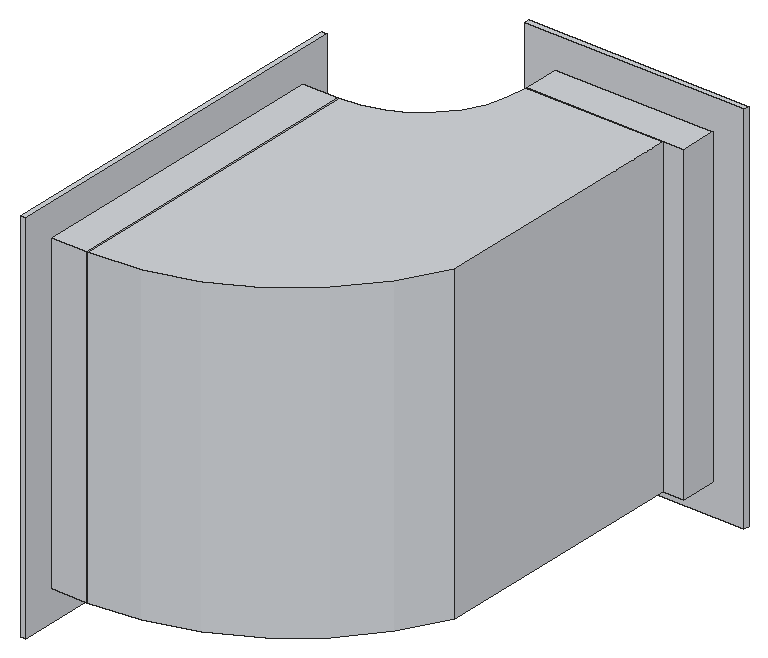
Revit family "RE Bogen asymmetrisch BA - Flansch", category Luftkanalformteile, Revit 2014
Parameters (values of type "Allgemein")
  r4 [instance] = r3 + Länge 17  # 350 mm
  r3 [instance] = if(b > d, if(Abschätzung 1 < 0 mm, r2 + 15 mm, r2), if(not(Abschätzung 2 < 0 mm), r2, r1 + d))  # 250 mm
  Alpha 4 [instance] = if(Abschätzung 1 > 0 mm, alpha, acos(Länge 18 / Länge 16))  # 90.00°
  Alpha 3 [instance] = if(not(Abschätzung 2 < 0 mm), alpha, asin((r1 + b) / (r1 + d)))  # 90.00°
  r2 [instance] = if((Abschätzung 2 < 0 mm), 5 mm, Länge 22 / tan(alpha 2 / 2))  # 250 mm
  r1 [instance] = if(r = 0 mm, if(0.9 * Max. abcd - 107.1 mm < 0.8 mm, 0.8 mm, 0.9 * Max. abcd - 107.1 mm), r)  # 100 mm
  r [instance] = 100 mm
  f2 [instance] = 35 mm  # constant formula
  f1 [instance] = if(f = 0 mm, f2, f)  # 35 mm
  f [instance] = 0 mm
  e2 [instance] = 35 mm  # constant formula
  e1 [instance] = if(e = 0 mm, e2, e)  # 35 mm
  e [instance] = 0 mm
  Max. bd [instance] = if(b > d, b, d)  # 300 mm
  Länge 19 [instance] = if(Abschätzung 1 > 0 mm, Länge 18, 20 mm)  # 250 mm
  Länge 18 [instance] = (r1 + d) * sin(alpha)  # 250 mm
  d [instance] = 150 mm
  c [instance] = a  # 300 mm
  b [instance] = 300 mm
  Länge21 [instance] = if(alpha = 90.00°, 0 mm, if(and(Abschätzung 1 > 0 mm, Abschätzung 2 > 0 mm), ((r1 + b) - (r1 + d) * cos(alpha 2)) / tan(alpha 2), 10 mm))  # 0 mm
  Länge 20 [instance] = if(alpha = 90.00°, 0 mm, ((r1 + b) - (r1 + d) * cos(alpha)) / tan(alpha))  # 0 mm
  alpha 2 [instance] = if(b > d, Alpha 4, Alpha 3)  # 90.00°
  alpha 1 [instance] = 180.00° - alpha 2  # 90.00°
  alpha [instance] = 90.00°
  a [instance] = 300 mm
  Breite 2 [instance] = 100 mm  # constant formula
  Breite 1 [instance] = b halb + Breite 2 + Max. bd  # 550 mm
  Sichtbarkeit 2 [instance] = if(Länge 7 > Länge 2, 1 > 0, Länge 1 + f1 < 10000 mm)  # no
  Sichtbarkeit 1 [instance] = if(Länge 7 > Länge 2, 0 > 1, or(Länge 1 + f1 > 10000 mm + 0.8 mm, Länge 1 + f1 = 10000 mm + 0.8 mm))  # yes
  Länge 23 [instance] = if(b > d, if(Abschätzung 1 > 0 mm, Länge 22 / tan(alpha 2 / 2), Länge 22 / tan(alpha 2 / 2) + 15 mm), if(Abschätzung 2 < 0 mm, 5 mm, Länge 22 / tan(alpha 2 / 2)))  # 250 mm
  Länge 22 [instance] = if(alpha = 90.00°, r1 + Länge 24, if(b > d, abs(Länge 19 - Länge21), if(not(Abschätzung 2 > 0 mm), (r1 + b) * sin(alpha), Länge21 / cos(alpha 2))))  # 250 mm
  Länge 24 [instance] = if(b > d, d, b)  # 150 mm
  Max. cd [instance] = if(d > c, d, c)  # 300 mm
  Max. abcd [instance] = if(Max. ab > Max. cd, Max. ab, Max. cd)  # 300 mm
  Max. ab [instance] = if(b > a, b, a)  # 300 mm
  Länge 9 [instance] = if(Länge 1 - 10000 mm + f1 < 0.8 mm, 2 mm, Länge 1 - 10000 mm + f1)  # 210 mm
  Länge 8 [instance] = sqrt((10000 mm - Länge 6) ^ 2 + (Länge 2 - Länge 7) ^ 2)  # 250 mm
  Länge 7 [instance] = Länge 3 * cos(alpha)  # 0 mm
  Länge 6 [instance] = -Länge 3 * sin(alpha) + Länge 1  # 10000 mm
  Länge 5 [instance] = (b - d) / 2  # 75 mm
  Länge 4 [instance] = Länge 2 * tan(alpha / 2)  # 250 mm
  Länge 3 [instance] = r1 + d / 2  # 175 mm
  Länge 15 [instance] = if((r1 + b) * cos(alpha) - (r1 + d) > 0 mm, e1, (r1 + b) * sin(alpha) + e1)  # 435 mm
  Länge 14 [instance] = if(alpha = 90.00°, r1 + d + f1, if((r1 + b) / cos(alpha) - (r1 + d) < 0 mm, f1, (r1 + b) * tan(alpha) + f1))  # 285 mm
  Länge 17 [instance] = 100 mm  # constant formula
  Länge 16 [instance] = sqrt((r1 + b) * (r1 + b) + (r1 + d) * (r1 + d) - 2 * (r1 + b) * (r1 + d) * cos(alpha))  # 471.699 mm
  Länge 13 [instance] = Flanschstärke * sin(alpha)  # 5 mm
  Länge 12 [instance] = Flanschstärke * cos(alpha)  # 0 mm
  Länge 11 [instance] = e1 * sin(alpha)  # 35 mm
  Länge 10 [instance] = e1 * cos(alpha)  # 0 mm
  Länge 1 [instance] = -Länge 2 * cos(alpha) / sin(alpha) + Länge 3 / sin(alpha) + 10000 mm  # 10175 mm
  Länge 2 [instance] = r1 + b / 2  # 250 mm
  Abschätzung 2 [instance] = Länge 20  # 0 mm
  Abschätzung 1 [instance] = (Länge 18 - Länge 20)  # 250 mm
  Höhe [instance] = if(a > c, a, c)  # 300 mm
  b halb [instance] = b * 0.5  # 150 mm
  Flansch d [instance] = d + 2 * Flanschverlängerung  # 210 mm
  Flansch c [instance] = c + 2 * Flanschverlängerung  # 360 mm
  Flansch b [instance] = b + 2 * Flanschverlängerung  # 360 mm
  Flansch a [instance] = a + 2 * Flanschverlängerung  # 360 mm
  Flanschstärke [instance] = 5 mm
  Flanschverlängerung [instance] = 30 mm
  Assembly Code = ""
Reference planes
  plane 1 "Mitte (Vorne/Hinten)": y = 0
  plane 2: z = 0
  plane 3 "Mitte (Links/Rechts)": x = 0
  plane 4: x = -210
  plane 5: x = -175
  plane 6: y = 250
  plane 7: x = 117.528
  plane 8: x = 0
  plane 9: y = 250
  plane 10: x = 10000
  plane 11: x = 0
  plane 12: x = 0
  plane 13: y = 285
  plane 14: x = -215
  plane 15: y = 290
  plane 16: x = 0
  plane 17: y = 180
  plane 18: y = -180
  plane 19: x = 75
  plane 20: x = 75
  plane 21: x = -175
  plane 22: y = 150
  plane 23: y = -150
  plane 24: y = 100
  plane 25: z = 150
  plane 26: z = -150
Forms (mm)
  Sweep 1, solid, detail levels medium+fine
    path in 3D
      loop
        line (-175, 0, 0) -> (-210, 0, 0)
    profile "Luftkanal - rechteckig : Luftkanal - rechteckig 1" origin (-192.5, 0, 0) x (0, -1, 0) y (0, 0, 1)
      loop
        line (-150, 150) -> (-150, -150) -> (150, -150) -> (150, 150) -> (-150, 150)
  Sweep 2, solid, detail levels medium+fine
    path in 3D
      loop
        line (0, 250, 0) -> (0, 285, 0)
    profile "Luftkanal - rechteckig : Luftkanal - rechteckig 2" origin (0, 267.5, 0) x (-1, 0, 0) y (0, 0, 1)
      loop
        line (-75, 150) -> (-75, -150) -> (75, -150) -> (75, 150) -> (-75, 150)
  Sweep 3, solid, detail levels fine
    path in 3D
      loop
        line (-215, 0, 0) -> (-210, 0, 0)
    profile "Luftkanal - rechteckig : Luftkanal - Flansch 1" origin (-212.5, 0, 0) x (0, 1, 0) y (0, 0, 1)
      loop
        line (-180, 180) -> (-180, -180) -> (180, -180) -> (180, 180) -> (-180, 180)
  Sweep 4, solid, detail levels medium+fine
    path in 3D
      loop
        line (-215, 0, 0) -> (-210, 0, 0)
    profile "Luftkanal - rechteckig : Luftkanal - rechteckig 1" origin (-212.5, 0, 0) x (0, 1, 0) y (0, 0, 1)
      loop
        line (-150, 150) -> (-150, -150) -> (150, -150) -> (150, 150) -> (-150, 150)
  Sweep 5, solid, detail levels fine
    path in 3D
      loop
        line (0, 285, 0) -> (0, 290, 0)
    profile "Luftkanal - rechteckig : Luftkanal - Flansch 2" origin (0, 287.5, 0) x (-1, 0, 0) y (0, 0, 1)
      loop
        line (-105, 180) -> (-105, -180) -> (105, -180) -> (105, 180) -> (-105, 180)
  Sweep 6, solid, detail levels medium+fine
    path in 3D
      loop
        line (0, 285, 0) -> (0, 290, 0)
    profile "Luftkanal - rechteckig : Luftkanal - rechteckig 2" origin (0, 287.5, 0) x (-1, 0, 0) y (0, 0, 1)
      loop
        line (-75, 150) -> (-75, -150) -> (75, -150) -> (75, 150) -> (-75, 150)
  Sweep 7, void
    path in 3D
      loop
        line (105, 285, 0) -> (105, -150, 0)
    profile "Luftkanal - rechteckig : Luftkanal - Abzugskörper" origin (105, 67.5, 0) x (1, 0, 0) y (0, 0, 1)
      loop
        line (-50, 150) -> (-50, -150) -> (50, -150) -> (50, 150) -> (-50, 150)
  Extrusion 8, void
    sketch origin (0, 0, 0) x (1, 0, 0) y (0, 1, 0)
      loop
        line (-210, -150) -> (-210, -550) -> (75, -550) -> (75, -150) -> (-210, -150)
    from -150 to 150
  Extrusion 9, solid, detail levels medium+fine
    sketch origin (0, 0, 0) x (1, 0, 0) y (0, 1, 0)
      loop
        arc (-175, -150) -> (1.777, -76.777) -> (75, 100) r 250
        line (75, 100) -> (-175, 100) -> (-175, -150)
    from -150 to 150
  Extrusion 10, void
    sketch origin (0, 0, 0) x (1, 0, 0) y (0, 1, 0)
      loop
        line (-175, 250) -> (-175, 150)
        arc (-175, 150) -> (-104.289, 179.289) -> (-75, 250) r 100
        line (-75, 250) -> (-175, 250)
    from -150 to 150
  Extrusion 11, void
    sketch origin (0, 0, 0) x (1, 0, 0) y (0, 1, 0)
      loop
        line (-175, -150) -> (-175, -250)
        arc (-175, -250) -> (72.487, -147.487) -> (175, 100) r 350
        line (175, 100) -> (75, 100)
        arc (75, 100) -> (1.777, -76.777) -> (-175, -150) r 250
    from -150 to 150
  SweptBlend 12, solid, detail levels medium+fine
    path in 3D
      loop
        arc (-175, 0, 0) -> (1.777, 73.223, 0) -> (75, 250, 0) r 250
    profile "Luftkanal - rechteckig : Luftkanal - rechteckig 1" origin (-175, 0, 0) x (0, 1, 0) y (0, 0, 1)
      loop
        line (-150, 150) -> (-150, -150) -> (150, -150) -> (150, 150) -> (-150, 150)
    end profile "Luftkanal - rechteckig : Luftkanal - rechteckig 2" origin (75, 250, 0) x (-1, 0, 0) y (0, 0, 1)
      loop
        line (0, 150) -> (0, -150) -> (150, -150) -> (150, 150) -> (0, 150)
Cuts and joins
  joined: Sweep 1, Sweep 4
  joined: Sweep 2, Sweep 6
  Sweep 7, Extrusion 10 cuts Extrusion 9
  Sweep 7, Extrusion 8, Extrusion 11 cuts SweptBlend 12
  joined: Extrusion 9, SweptBlend 12
Lines and regions (mm)
  reference lines
    curve 1: arc (-175, 0, 0) -> (1.777, 73.223, 0) -> (75, 250, 0) r 250
    curve 2: line (-175, 0, 0) -> (-210, 0, 0)
    curve 4: line (0, 250, 0) -> (0, 285, 0)
    curve 6: line (0, 250, 0) -> (0, 130, 0)
    curve 7: line (0, 250, 0) -> (-130, 250, 0)
    curve 8: line (0, 285, 0) -> (-95, 285, 0)
    curve 9: line (-260.979, 0, 0) -> (274.021, 0, 0)
    curve 12: line (-215, 0, 0) -> (-210, 0, 0)
    curve 15: line (0, 285, 0) -> (0, 290, 0)
    curve 18: line (0, 290, 0) -> (-75, 290, 0)
    curve 19: line (-105, 352.802, 0) -> (-105, 212.802, 0)
    curve 20: line (105, 285, 0) -> (105, -150, 0)
  sketch lines
    curve 3: line (-175, 0, 0) -> (-210, 0, 0)
    curve 5: line (0, 250, 0) -> (0, 285, 0)
    curve 13: line (-215, 0, 0) -> (-210, 0, 0)
    curve 14: line (-215, 0, 0) -> (-210, 0, 0)
    curve 16: line (0, 285, 0) -> (0, 290, 0)
    curve 17: line (0, 285, 0) -> (0, 290, 0)
    curve 26: line (105, 285, 0) -> (105, -150, 0)
    curve 27: arc (-175, 0, 0) -> (1.777, 73.223, 0) -> (75, 250, 0) r 250
  model lines, visible <- "Sichtbarkeit 1", detail levels coarse
    curve 10: line (-210, 0, 0) -> (0, 0, 0)
    curve 11: line (0, 285, 0) -> (0, 0, 0)
    curve 21: line (0, 285, 0) -> (0, 290, 0)
    curve 23: line (-215, 0, 0) -> (-210, 0, 0)
  model lines, detail levels coarse
    curve 22: line (105, 290, 0) -> (-105, 290, 0)
    curve 25: line (-215, 180, 0) -> (-215, -180, 0)
  model lines, visible <- "Sichtbarkeit 2", detail levels coarse
    curve 24: line (0, 290, 0) -> (-215, 0, 0)
Dimensions and locks
  "Länge 2": plane 6 to plane 1 "Mitte (Vorne/Hinten)"
  "f1": plane 4 to plane 5
  "Länge 7": plane 6 to plane 9
  locked: plane 3 "Mitte (Links/Rechts)" to plane 10 at 10000
  "Länge 1": plane 5 to plane 10
  "Länge 6": plane 8 to plane 10
  "e1": curve 4 to curve 4
  "Länge 8": curve 9 to curve 7
  "Länge 9": plane 4 to plane 11
  "Länge 10": plane 8 to plane 12
  "Länge 11": plane 13 to plane 9
  "Flanschstärke": plane 14 to plane 4
  "Flanschstärke": curve 15 to curve 15
  equal spacing: curve 19, curve 15, curve 20
  "Flansch d": curve 19 to curve 20
  "Länge 13": plane 15 to plane 13
  "Länge 12": plane 12 to plane 16
  equal spacing: plane 17, plane 1 "Mitte (Vorne/Hinten)", plane 18
  "Flansch b": plane 18 to plane 17
  "Länge 15": curve 20 to curve 20
  "b halb": Extrusion 8 sketch curve to plane 1 "Mitte (Vorne/Hinten)"
  "Breite 1": plane 1 "Mitte (Vorne/Hinten)" to Extrusion 8 sketch curve
  "Länge 14": plane 4 to Extrusion 8 sketch curve
  equal spacing: Extrusion 8, plane 2, Extrusion 8
  "Höhe": Extrusion 8 to Extrusion 8
  "Länge 19": plane 5 to plane 19
  "Länge21": plane 20 to plane 19
  "Länge 22": plane 21 to plane 20
  equal spacing: plane 22, plane 1 "Mitte (Vorne/Hinten)", plane 23
  "b": plane 22 to plane 23
  "Länge 23": plane 24 to plane 23
  equal spacing: plane 25, plane 2, plane 26
  "c": plane 25 to plane 26
  "r2": Extrusion 9 sketch curve to Extrusion 9 sketch curve  (x2)
  "r1": Extrusion 10 sketch curve to Extrusion 10 sketch curve  (x2)
  "Länge 17": Extrusion 11 sketch curve to Extrusion 11 sketch curve
  "r2": radius of Extrusion 9 sketch curve
  "r1": radius of Extrusion 10 sketch curve
  "r3": radius of Extrusion 11 sketch curve
  "r4": radius of Extrusion 11 sketch curve
  "alpha": angle curve 1 to curve 1
  "alpha": angle plane 9 to curve 4
  locked: curve 4 to curve 6 (angle 180.00°)
  locked: curve 4 to curve 7 (angle 90.00°)
  locked: curve 8 to curve 4 (angle 90.00°)
  locked: curve 6 to curve 9 (angle 90.00°)
  "alpha": angle plane 13 to curve 15
  locked: curve 18 to curve 15 (angle 90.00°)
  locked: curve 18 to curve 19 (angle 90.00°)
  locked: curve 20 to curve 18 (angle 90.00°)
  "alpha 2": angle plane 21 to Extrusion 9 sketch curve
  "alpha 2": angle Extrusion 9 sketch curve to Extrusion 9 sketch curve
  angle curve 7 to plane 21 = 90.00°
  "alpha": angle plane 21 to Extrusion 10 sketch curve
  "alpha": angle Extrusion 10 sketch curve to Extrusion 10 sketch curve
  "alpha 2": angle Extrusion 11 sketch curve to Extrusion 11 sketch curve  (x2)
  aligned and locked: level to plane 2
  aligned and locked: plane 6 to curve 1
  aligned and locked: plane 5 to curve 1
  aligned and locked: plane 5 to curve 2
  aligned and locked: plane 4 to curve 2
  aligned and locked: curve 2 to plane 1 "Mitte (Vorne/Hinten)"
  aligned and locked: plane 9 to curve 4
  aligned and locked: plane 8 to curve 4
  aligned and locked: plane 9 to curve 7
  aligned and locked: plane 8 to curve 7
  aligned and locked: curve 10 to curve 2
  aligned and locked: plane 11 to curve 10
  aligned and locked: curve 9 to curve 11
  aligned and locked: plane 14 to curve 12
  aligned and locked: plane 4 to curve 12
  aligned and locked: plane 1 "Mitte (Vorne/Hinten)" to curve 12
  aligned and locked: plane 13 to curve 15
  aligned and locked: plane 12 to curve 15
  aligned and locked: curve 15 to curve 21
  aligned and locked: plane 13 to curve 21
  aligned and locked: curve 22 to curve 18
  aligned and locked: curve 19 to curve 22
  aligned and locked: curve 22 to curve 20
  aligned and locked: plane 1 "Mitte (Vorne/Hinten)" to curve 23
  aligned and locked: plane 14 to curve 23
  aligned and locked: plane 4 to curve 23
  aligned and locked: plane 1 "Mitte (Vorne/Hinten)" to curve 24
  aligned and locked: plane 14 to curve 24
  aligned and locked: plane 15 to curve 24
  aligned and locked: plane 16 to curve 24
  aligned and locked: plane 17 to curve 25
  aligned and locked: curve 25 to plane 18
  aligned and locked: curve 25 to plane 14
  aligned and locked: curve 20 to Sweep 5
  aligned and locked: plane 4 to Extrusion 8 sketch curve
  aligned and locked: plane 25 to cut or joined group of Sweep 7, Extrusion 8, Extrusion 9, Extrusion 10, Extrusion 11, SweptBlend 12
  aligned and locked: cut or joined group of Sweep 7, Extrusion 8, Extrusion 9, Extrusion 10, Extrusion 11, SweptBlend 12 to plane 26
  aligned and locked: plane 24 to Extrusion 9 sketch curve  (x2)
  aligned and locked: plane 21 to Extrusion 9 sketch curve
  aligned and locked: Extrusion 9 sketch curve to plane 21
  aligned and locked: Extrusion 10 to plane 26
  aligned and locked: plane 25 to Extrusion 10
  aligned and locked: plane 21 to Extrusion 10 sketch curve
  aligned and locked: plane 6 to Extrusion 10 sketch curve  (x2)
  aligned and locked: Extrusion 10 sketch curve to plane 21
  aligned and locked: plane 21 to Extrusion 11 sketch curve  (x2)
  aligned and locked: plane 24 to Extrusion 11 sketch curve  (x2)
  aligned and locked: Extrusion 11 sketch curve to plane 21
  aligned and locked: Extrusion 11 to plane 26
  aligned and locked: plane 25 to Extrusion 11
Automatic sketch dimensions
  curve 4 to curve 20 = 0 mm
  curve 19 to curve 4 = 37.198 mm
  curve 9 to curve 4 = 274.021 mm
Connectors
  hvac at (-215, 0, 0), driven by "a", driven by "b", driven by "alpha"
    settings: on cut or joined group of Sweep 1, Sweep 4, index 1, duct flow 0.0 L/s, flow factor 0, pres drop 0.0 Pa, loss coef 0, conn angle 90.00°, conn width 300 mm, conn height 300 mm, conn diameter 609.6 mm, duct sys type 28, conn prof type 1, flow config 0, flow direction 0, loss method 0, conn ref index 2, conn util no, is conn primary yes, conn desc ""
  hvac at (0, 290, 0), driven by "a", driven by "d", driven by "alpha"
    settings: on cut or joined group of Sweep 2, Sweep 6, index 2, duct flow 0.0 L/s, flow factor 0, pres drop 0.0 Pa, loss coef 0, conn angle 90.00°, conn width 150 mm, conn height 300 mm, conn diameter 609.6 mm, duct sys type 28, conn prof type 1, flow config 0, flow direction 0, loss method 0, conn ref index 1, conn util no, is conn primary no, conn desc ""
